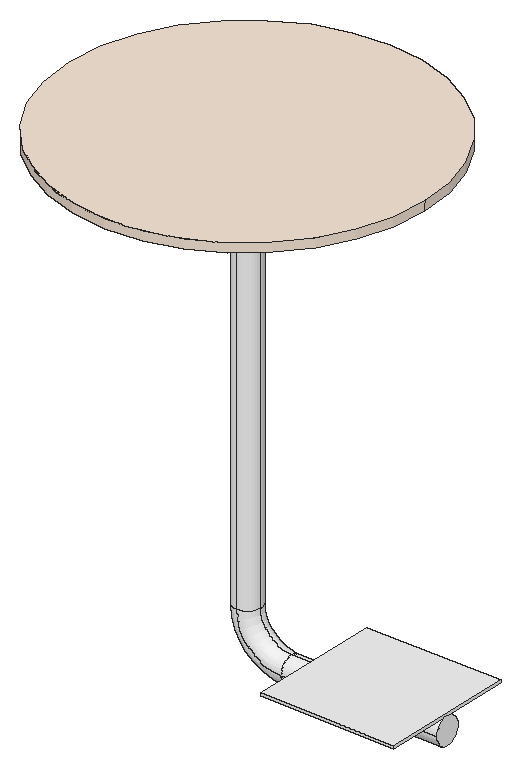
Revit family "FU_Modular_Sandler_Chanel Table", category Furniture, Revit 2020
Family settings
  OmniClass Number = 23.21.23.15.17
  Work Plane-Based = Yes
  Always vertical = No
  Cut with Voids When Loaded = No
  Shared = No
  Room Calculation Point = No
Parameters (values of type "CHANEL 5598")
  Youtube clip = ""
  Uniformat II Description = "Movable Furnishings"
  Uniformat II Code = ""
  Uniclass 2015 Name = ""
  Uniclass 2015 Code = ""
  Uniclass 2.0 Description = ""
  Uniclass 2.0 Code = ""
  Uniclass 1.4 Description = ""
  Uniclass 1.4 Code = ""
  UNSPSC Code = ""
  Top Material = Wood - Beech - White Aniline
  Technical description = ""
  Frame Material = Metal - Lacquer - White RAL 9003
  Region South America = "All"
  Region Oceania = "All"
  Region North America = "All"
  Region Middle East = "All"
  Region Europe = "All"
  Region Asia = "All"
  Region Antarctica = "All"
  Region Africa = "All"
  QR code = "https://www.sandlerseating.com/product/chanel-5598/"
  Product url = "https://www.sandlerseating.com/product/chanel-5598/"
  Product name = "CHANEL 5598"
  Product group = "Sofa"
  Product family = "Furniture"
  Product data url = "https://www.sandlerseating.com/product/chanel-5598/"
  Product certification = ""
  Product SKU = "??"
  Product Guid = "??"
  OmniClass Description = ""
  OmniClass Code = "23-21 23 15 17"
  NBS Reference Description = ""
  NBS Reference Code = ""
  Model = "CHANEL 5598, CHANEL 5599"
  Masterformat 2014 Description = "Sofa Mats"
  Masterformat 2014 Code = "12 48 43.13"
  Manufacturer name = "Sandler"
  Manufacturer country = "USA"
  Manufacturer = "Sandler"
  Installation instructions = ""
  IFC Classification = "Furnishing Element"
  GTIN code = ""
  Edition number = 1
  Design country = "Brasil"
  Description = "Coffee table with metal frame"
  Default Elevation = 0.000 mm
  Date of publishing = ""
  Coffee Table [instance] = yes
  COBIe Type Category = ""
  Brand url = "https://www.sandlerseating.com/"
  BIMobject main category code = "furniture"
  BIMobject main category = "Furniture"
  BIMobject category code = "furniture-sofa"
  BIMobject category = "Sofa"
Reference planes
  plane 1 "Center Front/Back": y = 0
  plane 2: z = 0
  plane 3 "Center Left/Right": x = 0
  plane 4 "Height": z = 557
  plane 5: x = -200
  plane 6: x = 200
  plane 7: y = -200
  plane 8: y = 200
  plane 9 "Elevation": z = 17
Forms (mm)
  Extrusion 1, solid, material "Wood - Beech - White Aniline" <- "Top Material", visible <- "Coffee Table"
    sketch origin (0, 0, 557) x (-1, 0, 0) y (0, -1, 0)
      loop
        circle (0, 0) r 200
    from 0 to -10
  Sweep 2, solid, material "Metal - Lacquer - White RAL 9003" <- "Frame Material"
    path origin (0, 0, 0) x (1, 0, 0) y (0, 0, 1)
      loop
        line (0, 540) -> (0, 82)
        arc (0, 82) -> (14.645, 46.645) -> (50, 32) r 50
        line (50, 32) -> (225, 32)
    profile "Pro_Circles : 30mm" origin (0, 0, 311) x (1, 0, 0) y (0, -1, 0)
      loop
        arc (-14.967, 0.067) -> (-10.65, -10.556) -> (-0.067, -14.967) r 14.901
        arc (-0.067, -14.967) -> (10.603, -10.603) -> (14.967, 0.067) r 14.901
        arc (14.967, 0.067) -> (10.556, 10.65) -> (-0.067, 14.967) r 14.9
        arc (-0.067, 14.967) -> (-10.602, 10.602) -> (-14.967, 0.067) r 14.9
  Extrusion 3, solid, material "Metal - Lacquer - White RAL 9003" <- "Frame Material"
    sketch origin (1, 0.106, 17) x (0, 1, 0) y (-1, 0, 0)
      loop
        line (74.827, -74) -> (-75.173, -74) -> (-75.173, -224) -> (74.827, -224) -> (74.827, -74)
    from 30 to 33
Dimensions and locks
  plane 9 "Elevation" to level = 17.000 mm
  plane 4 "Height" to plane 9 "Elevation" = 540.000 mm
  aligned and locked: level to plane 2
